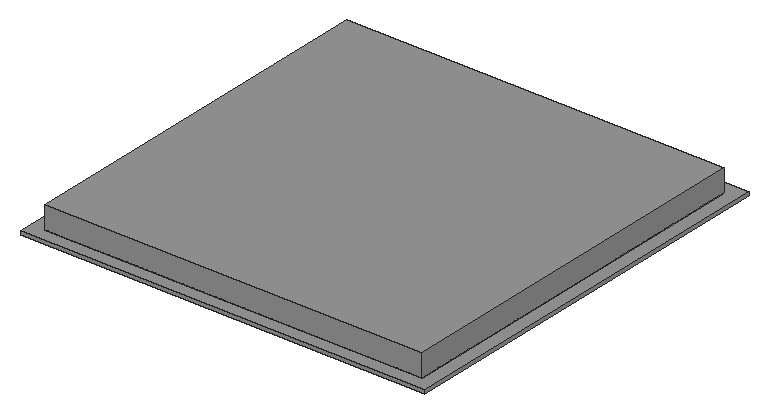
Revit family "63_UN_LED Panel_Backlit Panel 60x60_Natec", category Lighting Fixtures, Revit 2019
Family settings
  Round Connector Dimension = Use Diameter
  Part Type = Normal
  OmniClass Number = 23.80.70.11.14.11
  OmniClass Title = Downlights
  Work Plane-Based = No
  Always vertical = Yes
  Cut with Voids When Loaded = No
  Light Source = Yes
  Shared = No
  Room Calculation Point = Yes
Parameters (values of type "8068-0099 60x 60 3000K UGR19")
  Wattage Comments = "28.8W"
  Wattage = 25.2387 W
  built-in parameter 1150110 = 1 (stored number, unit not read)
  Voltage = 230 V
  URL = "https://nateclighting.nl/"
  Type Comments = "60x60"
  built-in parameter 1114217 = 1 (stored number, unit not read)
  Tilt Angle = 90.00°
  built-in parameter 1150109 = 1 (stored number, unit not read)
  built-in parameter 1150134 = (empty or 0)
  Symbol_ToScale [instance] = not(Symbol_RealSize)  # no
  Symbol_RealSize [instance] = yes
  Switch Code [instance] = ""
  built-in parameter 1150113 = 1 (stored number, unit not read)
  Photometric Web File = "8068-0099 60x 60 3000K UGR19.IES"
  Model = "Backlit Panel"
  Manufacturer = "Natec Lighting"
  built-in parameter 1150105 = 1891.3 (stored number, unit not read)
  Luminous Flux (lm) = 3749 lm
  Lumens = 3749 lm
  built-in parameter 1150115 = 1 (stored number, unit not read)
  Luminaire Code [instance] = ""
  built-in parameter 1150137 = (empty or 0)
  built-in parameter 1150139 = (empty or 0)
  built-in parameter 1150112 = 1 (stored number, unit not read)
  built-in parameter 1150114 = 1 (stored number, unit not read)
  Lamp = "LED"
  LED Panel = yes
  L3 = 20 mm
  L2 = 595 mm
  L1 = 595 mm
  built-in parameter 1150132 = 2
  built-in parameter 1150102 = (empty or 0)
  built-in parameter 1150107 = 3000 (stored number, unit not read)
  built-in parameter 1150138 = (empty or 0)
  built-in parameter 1150106 = 18.913 (stored number, unit not read)
  IfcExportType = "USERDEFINED"
  IfcExportAs = "IfcLightFixtureType"
  Housing_Material = Laminate, White
  H1 = 33 mm
  built-in parameter 1150104 = 13.8 (stored number, unit not read)
  Dimming Lamp Color Temperature Shift = <None>
  Description = ""
  Content Creator® = "www.ivlibrary.com"
  Color Filter = 16777215
  Calc_L2_Symbol = L2 / 100  # 5.95 mm
  Calc_L1_Symbol = L1 / 100  # 5.95 mm
  built-in parameter 1114218 = 1 (stored number, unit not read)
  built-in parameter 1150133 = 10 (stored number, unit not read)
  Assembly Code = "63.0"
  Apparent Load = 28.8 VA
Reference planes
  plane 1 "Center (Front/Back)": y = 0
  plane 2: z = 0
  plane 3 "Center (Left/Right)": x = 0
  plane 4: x = -277.5
  plane 5: x = 277.5
  plane 6: y = 277.5
  plane 7: y = -277.5
  plane 8: x = -297.5
  plane 9: x = 297.5
  plane 10: y = -297.5
  plane 11: y = 297.5
Forms (mm)
  Extrusion 1, solid, material "Laminate, White" <- "Housing_Material"
    sketch origin (0, 0, 0) x (1, 0, 0) y (0, 1, 0)
      loop
        line (-277.5, 277.5) -> (-277.5, -277.5) -> (277.5, -277.5) -> (277.5, 277.5) -> (-277.5, 277.5)
    from 0 to 33 <- "H1"
  Extrusion 2, solid, material "Glass, White, High Luminance"
    sketch origin (0, 0, 0) x (1, 0, 0) y (0, 1, 0)
      loop
        line (-277.5, 277.5) -> (-277.5, -277.5) -> (277.5, -277.5) -> (277.5, 277.5) -> (-277.5, 277.5)
    from 0 to -1
  Extrusion 3, solid, material "Laminate, White" <- "Housing_Material"
    sketch origin (0, 0, 0) x (1, 0, 0) y (0, 1, 0)
      loop
        line (-277.5, 277.5) -> (-277.5, -277.5) -> (277.5, -277.5) -> (277.5, 277.5) -> (-277.5, 277.5)
      loop
        line (-297.5, -297.5) -> (297.5, -297.5) -> (297.5, 297.5) -> (-297.5, 297.5) -> (-297.5, -297.5)
    from 0 to -5
Lines and regions (mm)
  symbolic lines, visible <- "Symbol_RealSize"
    curve 1: line (-297.5, -297.5, 0) -> (297.5, -297.5, 0)
    curve 2: line (-297.5, 297.5, 0) -> (-297.5, -297.5, 0)
    curve 3: line (297.5, 297.5, 0) -> (-297.5, 297.5, 0)
    curve 4: line (297.5, -297.5, 0) -> (297.5, 297.5, 0)
Dimensions and locks
  equal spacing: plane 11, plane 1 "Center (Front/Back)", plane 10
  equal spacing: plane 8, plane 3 "Center (Left/Right)", plane 9
  "L1": plane 8 to plane 9
  "L2": plane 11 to plane 10
  "H1": Extrusion 1 to level
  "L3": plane 8 to plane 4
  "L3": plane 5 to plane 9
  "L3": plane 6 to plane 11
  "L3": plane 7 to plane 10
  aligned and locked: level to plane 2
  aligned and locked: Extrusion 1 sketch curve to plane 6
  aligned and locked: plane 4 to Extrusion 1 sketch curve
  aligned and locked: plane 7 to Extrusion 1 sketch curve
  aligned and locked: plane 5 to Extrusion 1 sketch curve
  aligned and locked: Extrusion 2 sketch curve to Extrusion 1  (x4)
  aligned and locked: plane 11 to Extrusion 3
  aligned and locked: plane 9 to Extrusion 3
  aligned and locked: plane 10 to Extrusion 3
  aligned and locked: plane 8 to Extrusion 3
  aligned and locked: plane 9 to Extrusion 3 sketch curve
  aligned and locked: plane 10 to Extrusion 3 sketch curve
  aligned and locked: plane 8 to Extrusion 3 sketch curve
  aligned and locked: plane 11 to Extrusion 3 sketch curve
  aligned and locked: plane 5 to Extrusion 3 sketch curve
  aligned and locked: Extrusion 3 sketch curve to plane 6
  aligned and locked: plane 4 to Extrusion 3 sketch curve
  aligned and locked: plane 7 to Extrusion 3 sketch curve
Automatic sketch dimensions
  curve 3 to plane 8 = 0 mm
  curve 1 to plane 9 = 0 mm
  curve 2 to plane 10 = 0 mm
  plane 11 to curve 2 = 0 mm
Nested families
  nested 1: "Parametric LED Panel Symbol" at (0, 0, 0), L1 <- "Calc_L1_Symbol", L2 <- "Calc_L2_Symbol", visible <- "Symbol_ToScale", type "Parametric LED Panel Symbol"
    with L2 5.95 mm, L1 5.95 mm
Connectors
  electrical at (0, 0, 0), driven by "Voltage", driven by "Apparent Load"
    settings: index 1, voltage 230 V, apparent load 0 VA, apparent load phase1 28.8 VA, apparent load phase2 0 VA, apparent load phase3 0 VA, power factor 1, load classification "Lighting", number of poles 1, system type 31, power factor state 1, is connector primary yes, connector utility no, sub classification motor no, connector description ""
Definition of nested family "Parametric LED Panel Symbol"
  Parameters (values of type "Parametric LED Panel Symbol")
    L2 [instance] = 4.484 mm
    L1 [instance] = 6.437 mm
  Reference planes
    plane 1: y = 0
    plane 2: x = 0
  Lines and regions (mm)
    detail lines
      curve 1: line (-3.219, 2.242, 0) -> (3.219, 2.242, 0)
      curve 2: line (-3.219, -2.242, 0) -> (-3.219, 2.242, 0)
      curve 3: line (3.219, -2.242, 0) -> (-3.219, -2.242, 0)
      curve 4: line (3.219, 2.242, 0) -> (3.219, -2.242, 0)
  Dimensions and locks
    equal spacing: curve 2, plane 2, curve 4
    equal spacing: curve 3, plane 1, curve 1
    "L1": curve 2 to curve 4
    "L2": curve 3 to curve 1
